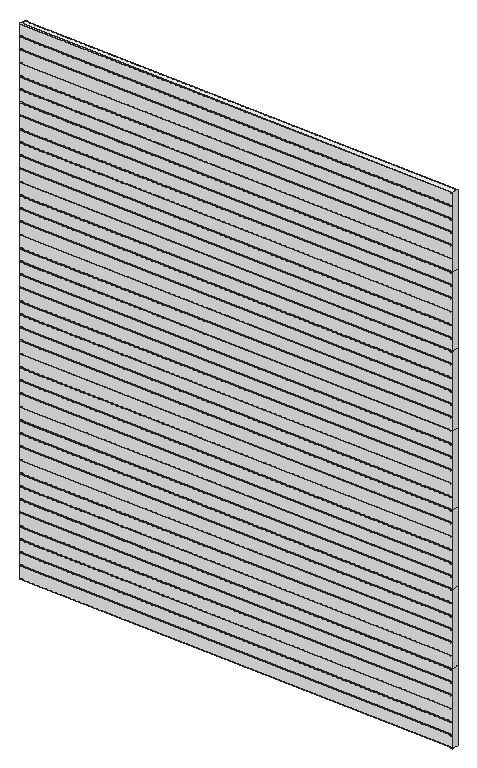
Revit family
Parameters (values of type "By Type")
  Windload = "Doors available rated for various design pressures; consult Clopay for avaialbility and specifications"
  VisSection6 = NumSections = 6  # no
  VisSection5 = NumSections > 4  # yes
  VisSection4 = NumSections > 3  # yes
  VisSection3 = NumSections > 2  # yes
  VisArray = NumSections > 6  # yes
  URL = "www.clopaydoor.com"
  Track = "Galvanized steel (gauge varies according to door size)"
  Thickness = 0' - 2"  # constant formula
  Spec Wizard = "http://www.arcat.com/specwizard/08360clo/index.htm"
  Section Height = Height / NumSections  # 2' - 0"
  Sales Information = "http://www.clopaydoor.com/where-to-buy.aspx?type=dealer"
  Rough Width = 0' - 0"  # constant formula
  Rough Height = 0' - 0"  # constant formula
  R-Value = "12.9"
  Product Features and Benefits = "http://www.clopaydoor.com/insulated-polyurethane-applications.aspx"
  Overlapping Jamb = yes
  Overlap = if(Overlapping Jamb, 0' 1", 0' 0")  # 0' - 1"
  Opening Width = 12' - 0"
  Opening Height = 14' - 0"
  Omniclass Table = "23-30 10 17 37 "
  NumSectionsNotRounded = Height / 2' 0"  # 7
  NumSections = NumSectionsNotRounded + 0.4999  # 7
  NumArraySections = if(NumSections > 6, NumSections - 5, 2)  # 2
  Model = "3715"
  Maximum Size = "Maximum 32' 2'' wide by 26' 0'' high. Additional limitations may apply do to door weight. Consult Clopay for specificiations and shop drawings."  # constant formula
  Manufacturer Website = "http://www.clopaydoor.com"
  Manufacturer Phone Number = "1-800-526-4301"
  Manufacturer Address = "1400 W. Market St., Troy, OH 45373"
  Manufacturer = "Clopay Building Products Company"
  LEED = "http://products.construction.com/swts_content_files/151607/303186.pdf"
  Keynote = "08 36 13"
  Interior Steel = "28 ga. galvanized, primed, and finish painted"
  Hardware = "14 ga. min. steel hinges; 10-ball steel rollers"
  GreenFormat = "http://www.greenformat.com/products/1536-Polyurethane%20Insulated%20Doors.rtf"
  Function = (empty or 0)
  Height = Opening Height + Rough Width * 0  # 14' - 0"
  Wall Closure = (empty or 0)
  Width = Opening Width + Rough Width * 0  # 12' - 0"
  FloorToSection7 = 6 * Section Height  # 12' - 0"
  FloorToSection6 = 5 * Section Height  # 10' - 0"
  FloorToSection5 = 4 * Section Height  # 8' - 0"
  FloorToSection4 = 3 * Section Height  # 6' - 0"
  FloorToSection3 = 2 * Section Height  # 4' - 0"
  FloorToSection2 = Section Height  # 2' - 0"
  File Revision = "02 (August, 2012)"
  Exterior Steel = "27 ga. galvanized, primed, and finish painted"
  Double End Stiles = Door Width > 14' 2"  # no
  Door Width = Opening Width + Overlap * 2  # 12' - 2"
  Door Height = Opening Height + Rough Width * 0  # 14' - 0"
  Description = "1-3/8'' thick polyurethane insulated, stucco embossed 27 gauge steel exterior with light ribbed pattern."
  Core Material = "Expanded polyurethane"
  Copyright = "2010, Clopay Building Products Company, Inc."
  Color = White
  CAD and Specifications = "http://www.clopaydoor.com/insulated-polyurethane-specs.aspx"
  Assembly Code = "B2030410"
Reference planes (in)
  plane 1 "Center (Front/Back)": y = 0
  plane 2 "Center (Left/Right)": x = 0
  plane 3 "Left": x = -72
  plane 4 "Right": x = 72
  plane 5 "Top": z = 168
  plane 6 "Exterior": y = 3
  plane 7 "Interior": y = -3
  plane 8: z = 120
  plane 9: z = 144
Lines and regions (in)
  Opening 1
    outline origin (-90, -3, 0) x (1, 0, 0) y (0, 0, 1)
      loop
        line (18, 0) -> (162, 0) -> (162, 168) -> (18, 168) -> (18, 0)
Text (in)
  text "Exterior" at (-74.96733, 27.31104, 0), in view "Ref. Level"
  text "Interior" at (-74.96733, -25.14366, 0), in view "Ref. Level"
  text "Exterior" at (0, 40.15149, 123.01588), in view "Right"
  text "Interior" at (0, -64.39139, 123.01588), in view "Right"
  text "Interior" at (0, -31.01599, 123.00693), in view "Left"
  text "Exterior" at (0, 54.57065, 123.00693), in view "Left"
Dimensions and locks (in)
  equal spacing: plane 3 "Left", plane 2 "Center (Left/Right)", plane 4 "Right"
  "Height": level to plane 5 "Top"
  "Width": plane 3 "Left" to plane 4 "Right"
  host wall to plane 5 "Top" = 14' - 0"
  nested 1 to plane 7 "Interior" = 0' - 0 1/2"
  "FloorToSection6": plane 8 to level
  "FloorToSection7": plane 9 to level
  group 1 to group 2 = 0' - 0"  (x2)
  group 1 to group 2 = 2' - 0"
  host wall to host wall = 67' - 6"
  aligned and locked: plane 3 "Left" to Opening 1 sketch curve
  aligned and locked: plane 5 "Top" to Opening 1 sketch curve  (x2)
  aligned and locked: Opening 1 sketch curve to plane 4 "Right"
  aligned and locked: Opening 1 sketch curve to level
  aligned and locked: plane 6 "Exterior" to host wall
  aligned and locked: host wall to plane 7 "Interior"
  aligned and locked: plane 2 "Center (Left/Right)" to nested 2
  aligned and locked: plane 2 "Center (Left/Right)" to nested 3
  aligned and locked: plane 2 "Center (Left/Right)" to nested 4
  aligned and locked: plane 2 "Center (Left/Right)" to nested 5
  aligned and locked: plane 2 "Center (Left/Right)" to nested 7
  aligned and locked: nested 7 to plane 8
  aligned and locked: nested 8 to plane 9
  aligned and locked: plane 7 "Interior" to nested 2
  aligned and locked: plane 7 "Interior" to nested 7
  aligned and locked: host wall to nested 8
  aligned and locked: plane 7 "Interior" to nested 3
  aligned and locked: host wall to nested 3
  aligned and locked: plane 7 "Interior" to nested 1
  aligned and locked: nested 2 to host wall
  aligned and locked: plane 7 "Interior" to nested 6
  aligned and locked: plane 7 "Interior" to nested 5
  aligned and locked: host wall to nested 7
  aligned and locked: plane 7 "Interior" to nested 4
Nested families (in)
  nested 1: "Section" at (0, 0, 0), type "Solid"
  nested 2: "Section" at (0, 0, 24), built-in parameter 1001364 <- "Section Height", type "Solid"
  nested 3: "Section" at (0, 0, 48), built-in parameter 1001364 <- "FloorToSection3", visible <- "VisSection3", type "Solid"
  nested 4: "Section" at (0, 0, 120), built-in parameter 1001364 <- "FloorToSection6", visible <- "VisSection6", type "Solid"
  nested 5: "Section" at (0, 0, 96), built-in parameter 1001364 <- "FloorToSection5", visible <- "VisSection5", type "Solid"
  nested 6: "Section" at (0, 0, 72), built-in parameter 1001364 <- "FloorToSection4", visible <- "VisSection4", type "Solid"
  nested 7: "Section" at (0, 0, 120), visible <- "VisArray", type "Solid"
  nested 8: "Section" at (0, 0, 144), visible <- "VisArray", type "Solid"
Definition of nested family "Section"
  Parameters (values of type "Solid")
    X9 = if(if(NumArrayedWindows < NumWindows, NumArrayedWindows + 1, NumWindows) < 9, X1, X8 + 3' 8")  # 1' - 5 1/2"
    X8 = if(if(NumArrayedWindows < NumWindows, NumArrayedWindows + 1, NumWindows) < 8, X1, X7 + 3' 8")  # 1' - 5 1/2"
    X7 = if(if(NumArrayedWindows < NumWindows, NumArrayedWindows + 1, NumWindows) < 7, X1, X6 + 3' 8")  # 1' - 5 1/2"
    X6 = if(if(NumArrayedWindows < NumWindows, NumArrayedWindows + 1, NumWindows) < 6, X1, X5 + 3' 8")  # 1' - 5 1/2"
    X5 = if(if(NumArrayedWindows < NumWindows, NumArrayedWindows + 1, NumWindows) < 5, X1, X4 + 3' 8")  # 1' - 5 1/2"
    X4 = if(if(NumArrayedWindows < NumWindows, NumArrayedWindows + 1, NumWindows) < 4, X1, X3 + 3' 8")  # 1' - 5 1/2"
    X3 = if(NumWindows < 3, X1, X2 + 3' 8")  # 8' - 9 1/2"
    X2 = if(NumWindows < 2, ((Door Width - (NumWindows - 1) * 3' 8") / 2 - Cutout Width / 2), ((Door Width - (NumWindows - 1) * 3' 8") / 2 - Cutout Width / 2) + 3' 8")  # 5' - 1 1/2"
    WindowVis = no
    WindowCutDepth = -0' - 0 13/128"
    Section Height = 2' - 0"
    RibSpacing = Section Height / (NumRibs + 1)  # 0' - 4"
    NumWindows = if(Door Width < 9' 4", 2, if(Door Width < 13' 4", 3, if(Door Width < 16' 4", 4, if(Door Width < 20' 4", 5, if(Door Width < 24' 4", 6, if(Door Width < 26' 4", 7, if(Door Width < 31' 8", 8, 10)))))))  # 3
    NumRibs = if(Section Height < 1' 9", 3, if(Section Height < 2' 0", 4, 5))  # 5
    NumArrayedWindows = if(X2 = X1, NumWindows - 2, NumWindows)  # 3
    Half Section Height = Section Height / 2  # 1' - 0"
    Half Door Width Neg = -Half Door Width  # -6' - 1"
    Half Door Width = Door Width / 2  # 6' - 1"
    Half Cutout Height = Cutout Height / 2  # 0' - 3 1/2"
    Function = (empty or 0)
    Height = 0' - 0"
    Wall Closure = (empty or 0)
    Width = 0' - 0"
    X1 = if(or(Door Width > 31' 6", and(Door Width > 26' 2", Door Width < 28' 1"), Door Width = 24' 3", Door Width = 24' 4", and(Door Width > 20' 2", Door Width < 20' 11"), and(Door Width > 16' 2", Door Width < 17' 3")), X2, (Door Width - (NumWindows - 1) * 3' 8") / 2 - Cutout Width / 2)  # 1' - 5 1/2"
    Door Width = 12' - 2"
    CutoutToCutout = 1' - 0"
    Cutout Width = 1' - 11"
    Cutout Height = 0' - 7"
    Color = White
    BtmTo1stRib = RibSpacing  # 0' - 4"
    Assembly Code = ""
  Reference planes (in)
    plane 1 "Center (Front/Back)": y = 0
    plane 2 "Center (Left/Right)": x = 0
    plane 3 "Exterior": y = 3
    plane 4 "Interior": y = -3
    plane 5: y = -3.5
    plane 6: x = 73
    plane 7: x = -73
    plane 8: z = 4
    plane 9: z = 8
    plane 10: z = 24
    plane 11: z = 12
    plane 12: z = 0
  Forms (in)
    Extrusion 1, solid, material "White" <- "Color"
      sketch origin (-73, -12, 83.08252) x (0, 0, 1) y (0, -1, 0)
        loop
          line (-59.08252, -8.37573) -> (-59.08252, -6.62444)
          arc (-59.08252, -6.62444) -> (-59.11897, -6.53645) -> (-59.20696, -6.5) r 0.12444
          line (-59.20696, -6.5) -> (-82.95809, -6.5)
          arc (-82.95809, -6.5) -> (-83.04608, -6.53645) -> (-83.08252, -6.62444) r 0.12444
          line (-83.08252, -6.62444) -> (-83.08252, -8.37573)
          arc (-83.08252, -8.37573) -> (-83.04612, -8.4636) -> (-82.95825, -8.5) r 0.12427
          line (-82.95825, -8.5) -> (-59.20679, -8.5)
          arc (-59.20679, -8.5) -> (-59.11892, -8.4636) -> (-59.08252, -8.37573) r 0.12427
      from 0 to 146 <- "Door Width"
    Extrusion 2, void
      sketch origin (0, 0, -0.5) x (0, -1, 0) y (0, 0, 1)
        loop
          line (3.5, 4.62727) -> (3.5, 4.37273) -> (3.53032, 4.41942)
          arc (3.53032, 4.41942) -> (3.53753, 4.43506) -> (3.54, 4.4521) r 0.06
          line (3.54, 4.4521) -> (3.54, 4.5479)
          arc (3.54, 4.5479) -> (3.53753, 4.56494) -> (3.53032, 4.58058) r 0.06
          line (3.53032, 4.58058) -> (3.5, 4.62727)
      from -73 <- "Half Door Width Neg" to 146 <- "Door Width"
    Extrusion 3, void
      sketch origin (0, 0, 3.5) x (0, -1, 0) y (0, 0, 1)
        loop
          line (3.5, 4.62727) -> (3.5, 4.37273) -> (3.53032, 4.41942)
          arc (3.53032, 4.41942) -> (3.53753, 4.43506) -> (3.54, 4.4521) r 0.06
          line (3.54, 4.4521) -> (3.54, 4.5479)
          arc (3.54, 4.5479) -> (3.53753, 4.56494) -> (3.53032, 4.58058) r 0.06
          line (3.53032, 4.58058) -> (3.5, 4.62727)
      from -73 <- "Half Door Width Neg" to 146 <- "Door Width"
    Extrusion 4, void
      sketch origin (0, 0, 7.5) x (0, -1, 0) y (0, 0, 1)
        loop
          line (3.5, 4.62727) -> (3.5, 4.37273) -> (3.53032, 4.41942)
          arc (3.53032, 4.41942) -> (3.53753, 4.43506) -> (3.54, 4.4521) r 0.06
          line (3.54, 4.4521) -> (3.54, 4.5479)
          arc (3.54, 4.5479) -> (3.53753, 4.56494) -> (3.53032, 4.58058) r 0.06
          line (3.53032, 4.58058) -> (3.5, 4.62727)
      from -73 <- "Half Door Width Neg" to 146 <- "Door Width"
    Extrusion 5, void
      sketch origin (0, -8.99984, -0.5) x (0, 1, 0) y (0, 0, -1)
        loop
          line (3.5, -4.62727) -> (3.53032, -4.58058)
          arc (3.53032, -4.58058) -> (3.53753, -4.56494) -> (3.54, -4.5479) r 0.06
          line (3.54, -4.5479) -> (3.54, -4.4521)
          arc (3.54, -4.4521) -> (3.53753, -4.43506) -> (3.53032, -4.41942) r 0.06
          line (3.53032, -4.41942) -> (3.5, -4.37273) -> (3.5, -4.62727)
      from -73 <- "Half Door Width Neg" to 146 <- "Door Width"
    Extrusion 6, void
      sketch origin (0, -8.99984, 3.5) x (0, 1, 0) y (0, 0, -1)
        loop
          line (3.5, -4.62727) -> (3.53032, -4.58058)
          arc (3.53032, -4.58058) -> (3.53753, -4.56494) -> (3.54, -4.5479) r 0.06
          line (3.54, -4.5479) -> (3.54, -4.4521)
          arc (3.54, -4.4521) -> (3.53753, -4.43506) -> (3.53032, -4.41942) r 0.06
          line (3.53032, -4.41942) -> (3.5, -4.37273) -> (3.5, -4.62727)
      from -73 <- "Half Door Width Neg" to 146 <- "Door Width"
    Extrusion 7, void
      sketch origin (0, -8.99984, 7.5) x (0, 1, 0) y (0, 0, -1)
        loop
          line (3.5, -4.62727) -> (3.53032, -4.58058)
          arc (3.53032, -4.58058) -> (3.53753, -4.56494) -> (3.54, -4.5479) r 0.06
          line (3.54, -4.5479) -> (3.54, -4.4521)
          arc (3.54, -4.4521) -> (3.53753, -4.43506) -> (3.53032, -4.41942) r 0.06
          line (3.53032, -4.41942) -> (3.5, -4.37273) -> (3.5, -4.62727)
      from -73 <- "Half Door Width Neg" to 146 <- "Door Width"
    Extrusion 8, void
      sketch origin (0, 0, 11.5) x (0, -1, 0) y (0, 0, 1)
        loop
          line (3.5, 4.62727) -> (3.5, 4.37273) -> (3.53032, 4.41942)
          arc (3.53032, 4.41942) -> (3.53753, 4.43506) -> (3.54, 4.4521) r 0.06
          line (3.54, 4.4521) -> (3.54, 4.5479)
          arc (3.54, 4.5479) -> (3.53753, 4.56494) -> (3.53032, 4.58058) r 0.06
          line (3.53032, 4.58058) -> (3.5, 4.62727)
      from -73 <- "Half Door Width Neg" to 146 <- "Door Width"
    Extrusion 9, void
      sketch origin (0, -8.99984, 11.5) x (0, 1, 0) y (0, 0, -1)
        loop
          line (3.5, -4.62727) -> (3.53032, -4.58058)
          arc (3.53032, -4.58058) -> (3.53753, -4.56494) -> (3.54, -4.5479) r 0.06
          line (3.54, -4.5479) -> (3.54, -4.4521)
          arc (3.54, -4.4521) -> (3.53753, -4.43506) -> (3.53032, -4.41942) r 0.06
          line (3.53032, -4.41942) -> (3.5, -4.37273) -> (3.5, -4.62727)
      from -73 <- "Half Door Width Neg" to 146 <- "Door Width"
    Extrusion 10, void
      sketch origin (0, 0, 15.5) x (0, -1, 0) y (0, 0, 1)
        loop
          line (3.5, 4.62727) -> (3.5, 4.37273) -> (3.53032, 4.41942)
          arc (3.53032, 4.41942) -> (3.53753, 4.43506) -> (3.54, 4.4521) r 0.06
          line (3.54, 4.4521) -> (3.54, 4.5479)
          arc (3.54, 4.5479) -> (3.53753, 4.56494) -> (3.53032, 4.58058) r 0.06
          line (3.53032, 4.58058) -> (3.5, 4.62727)
      from -73 <- "Half Door Width Neg" to 146 <- "Door Width"
    Extrusion 11, void
      sketch origin (0, -8.99984, 15.5) x (0, 1, 0) y (0, 0, -1)
        loop
          line (3.5, -4.62727) -> (3.53032, -4.58058)
          arc (3.53032, -4.58058) -> (3.53753, -4.56494) -> (3.54, -4.5479) r 0.06
          line (3.54, -4.5479) -> (3.54, -4.4521)
          arc (3.54, -4.4521) -> (3.53753, -4.43506) -> (3.53032, -4.41942) r 0.06
          line (3.53032, -4.41942) -> (3.5, -4.37273) -> (3.5, -4.62727)
      from -73 <- "Half Door Width Neg" to 146 <- "Door Width"
  Cuts and joins
    Extrusion 2, Extrusion 3, Extrusion 4, Extrusion 5, Extrusion 6, Extrusion 7, Extrusion 8, Extrusion 9, Extrusion 10, Extrusion 11 cuts Extrusion 1
  Lines and regions (in)
    reference lines
      curve 1: line (-72, -3.54, 4) -> (-72, -3.5, 4)
      curve 2: line (-72, -5.45984, 4) -> (-72, -5.49984, 4)
      curve 3: line (-72, -3.54, 8) -> (-72, -3.5, 8)
      curve 4: line (-72, -3.54, 12) -> (-72, -3.5, 12)
      curve 5: line (-72, -5.45984, 4) -> (-72, -5.49984, 4)
      curve 6: line (-72, -5.45984, 8) -> (-72, -5.49984, 8)
      curve 7: line (-72, -5.45984, 12) -> (-72, -5.49984, 12)
      curve 8: line (-72, -3.54, 16) -> (-72, -3.5, 16)
      curve 9: line (-72, -5.45984, 16) -> (-72, -5.49984, 16)
      curve 10: line (-72, -3.54, 20) -> (-72, -3.5, 20)
      curve 11: line (-72, -5.45984, 20) -> (-72, -5.49984, 20)
  Text (in)
    text "Exterior" at (-74.96733, 27.31104, 0), in view "Ref. Level"
    text "Interior" at (-74.96733, -25.14366, 0), in view "Ref. Level"
    text "Exterior" at (0, 40.15149, 123.01588), in view "Right"
    text "Interior" at (0, -64.39139, 123.01588), in view "Right"
    text "Interior" at (0, -31.01599, 123.00693), in view "Left"
    text "Exterior" at (0, 54.57065, 123.00693), in view "Left"
  Dimensions and locks (in)
    plane 4 "Interior" to plane 5 = 0' - 0 1/2"
    "Half Door Width": plane 2 "Center (Left/Right)" to plane 7
    "Half Door Width": plane 6 to plane 2 "Center (Left/Right)"
    Extrusion 1 sketch curve to Extrusion 1 sketch curve = 0' - 2"
    Extrusion 2 sketch curve to Extrusion 2 sketch curve = 0' - 0.25454"
    Extrusion 2 sketch curve to Extrusion 2 sketch curve = 0' - 0.04"  (x2)
    "BtmTo1stRib": plane 8 to level
    curve 1 to Extrusion 2 sketch curve = 0' - 0.12727"
    "RibSpacing": plane 9 to plane 8
    "Section Height": plane 10 to level
    Extrusion 3 sketch curve to Extrusion 3 sketch curve = 0' - 0.25454"
    Extrusion 3 sketch curve to Extrusion 3 sketch curve = 0' - 0.04"  (x2)
    curve 3 to Extrusion 3 sketch curve = 0' - 0.12727"
    equal spacing: group 1, group 2, group 3, group 4, group 5  (x3)
    Extrusion 4 sketch curve to Extrusion 4 sketch curve = 0' - 0.25454"
    Extrusion 4 sketch curve to Extrusion 4 sketch curve = 0' - 0.04"  (x2)
    curve 4 to Extrusion 4 sketch curve = 0' - 0.12727"
    Extrusion 5 sketch curve to Extrusion 5 sketch curve = 0' - 0.25454"
    Extrusion 5 sketch curve to Extrusion 5 sketch curve = 0' - 0.04"  (x2)
    Extrusion 5 sketch curve to curve 5 = 0' - 0.12727"
    Extrusion 6 sketch curve to Extrusion 6 sketch curve = 0' - 0.25454"
    Extrusion 6 sketch curve to Extrusion 6 sketch curve = 0' - 0.04"  (x2)
    Extrusion 6 sketch curve to curve 6 = 0' - 0.12727"
    Extrusion 7 sketch curve to Extrusion 7 sketch curve = 0' - 0.25454"
    Extrusion 7 sketch curve to Extrusion 7 sketch curve = 0' - 0.04"  (x2)
    Extrusion 7 sketch curve to curve 7 = 0' - 0.12727"
    "Half Section Height": level to plane 11
    Extrusion 8 sketch curve to Extrusion 8 sketch curve = 0' - 0.25454"
    Extrusion 8 sketch curve to Extrusion 8 sketch curve = 0' - 0.04"  (x2)
    curve 8 to Extrusion 8 sketch curve = 0' - 0.12727"
    Extrusion 9 sketch curve to Extrusion 9 sketch curve = 0' - 0.25454"
    Extrusion 9 sketch curve to Extrusion 9 sketch curve = 0' - 0.04"  (x2)
    Extrusion 9 sketch curve to curve 9 = 0' - 0.12727"
    Extrusion 10 sketch curve to Extrusion 10 sketch curve = 0' - 0.25454"
    Extrusion 10 sketch curve to Extrusion 10 sketch curve = 0' - 0.04"  (x2)
    curve 10 to Extrusion 10 sketch curve = 0' - 0.12727"
    Extrusion 11 sketch curve to Extrusion 11 sketch curve = 0' - 0.25454"
    Extrusion 11 sketch curve to Extrusion 11 sketch curve = 0' - 0.04"  (x2)
    Extrusion 11 sketch curve to curve 11 = 0' - 0.12727"
    locked: plane 4 "Interior" to cut or joined group 1 (Extrusion 1, Extrusion 2, Extrusion 3, Extrusion 4, Extrusion 5, Extrusion 6, Extrusion 7, Extrusion 8, Extrusion 9, Extrusion 10, Extrusion 11) at 0.5
    radius of Extrusion 1 sketch curve = 0' - 0.12427"  (x2)
    radius of Extrusion 1 sketch curve = 0' - 0.12444"  (x2)
    angle Extrusion 2 sketch curve to Extrusion 2 sketch curve = 147.00°  (x2)
    angle Extrusion 3 sketch curve to Extrusion 3 sketch curve = 147.00°  (x2)
    angle Extrusion 4 sketch curve to Extrusion 4 sketch curve = 147.00°  (x2)
    angle Extrusion 5 sketch curve to Extrusion 5 sketch curve = 147.00°  (x2)
    angle Extrusion 6 sketch curve to Extrusion 6 sketch curve = 147.00°  (x2)
    angle Extrusion 7 sketch curve to Extrusion 7 sketch curve = 147.00°  (x2)
    angle Extrusion 8 sketch curve to Extrusion 8 sketch curve = 147.00°  (x2)
    angle Extrusion 9 sketch curve to Extrusion 9 sketch curve = 147.00°  (x2)
    angle Extrusion 10 sketch curve to Extrusion 10 sketch curve = 147.00°  (x2)
    angle Extrusion 11 sketch curve to Extrusion 11 sketch curve = 147.00°  (x2)
    aligned and locked: Extrusion 1 sketch curve to plane 5
    aligned and locked: plane 8 to curve 1
    aligned and locked: plane 9 to curve 3
    aligned: cut or joined group 1 to cut or joined group 1  (x9)
    aligned and locked: plane 12 to level
  Automatic sketch dimensions
    curve 2 to curve 1 = 0' - 1.91984"
    curve 1 to curve 1 = 0' - 0.04"  (x2)
    curve 1 to curve 2 = 0' - 1.91984"
    curve 2 to curve 2 = 0' - 0.04"  (x2)
    Extrusion 2 sketch curve to Extrusion 2 sketch curve = 0' - 0"
    Extrusion 2 sketch curve to Extrusion 2 sketch curve = 0' - 0.02"
    Extrusion 2 sketch curve to Extrusion 2 sketch curve = 0' - 0.00968"  (x2)
    curve 5 to curve 1 = 0' - 0"
    curve 1 to curve 5 = 0' - 1.91984"
    curve 5 to curve 5 = 0' - 0.04"
    Extrusion 5 sketch curve to Extrusion 5 sketch curve = 0' - 0"
    Extrusion 5 sketch curve to Extrusion 5 sketch curve = 0' - 0.02"
    Extrusion 5 sketch curve to Extrusion 5 sketch curve = 0' - 0.00968"  (x2)
    Extrusion 3 sketch curve to Extrusion 3 sketch curve = 0' - 0"
    Extrusion 3 sketch curve to Extrusion 3 sketch curve = 0' - 0.02"
    Extrusion 3 sketch curve to Extrusion 3 sketch curve = 0' - 0.00968"  (x2)
    curve 6 to curve 3 = 0' - 0"
    curve 3 to curve 3 = 0' - 0.04"
    curve 3 to curve 6 = 0' - 1.91984"
    curve 6 to curve 6 = 0' - 0.04"
    Extrusion 4 sketch curve to Extrusion 4 sketch curve = 0' - 0"
    Extrusion 4 sketch curve to Extrusion 4 sketch curve = 0' - 0.02"
    Extrusion 4 sketch curve to Extrusion 4 sketch curve = 0' - 0.00968"  (x2)
    curve 7 to curve 4 = 0' - 0"
    curve 4 to curve 4 = 0' - 0.04"
    curve 4 to curve 7 = 0' - 1.91984"
    curve 7 to curve 7 = 0' - 0.04"
    Extrusion 7 sketch curve to Extrusion 7 sketch curve = 0' - 0.00968"
    Extrusion 6 sketch curve to Extrusion 6 sketch curve = 0' - 0.00968"
    curve 2 to plane 8 = 0' - 0"
    curve 2 to plane 5 = 0' - 1.95984"
    Extrusion 1 sketch curve to plane 10 = 0' - 0"
    Extrusion 1 sketch curve to level = 0' - 0"
    Extrusion 8 sketch curve to Extrusion 8 sketch curve = 0' - 0"
    Extrusion 8 sketch curve to Extrusion 8 sketch curve = 0' - 0.02"
    Extrusion 8 sketch curve to Extrusion 8 sketch curve = 0' - 0.00968"  (x2)
    curve 9 to curve 8 = 0' - 0"
    curve 8 to curve 8 = 0' - 0.04"
    curve 8 to curve 9 = 0' - 1.91984"
    curve 9 to curve 9 = 0' - 0.04"
    Extrusion 9 sketch curve to Extrusion 9 sketch curve = 0' - 0"
    Extrusion 9 sketch curve to Extrusion 9 sketch curve = 0' - 0.02"
    Extrusion 9 sketch curve to Extrusion 9 sketch curve = 0' - 0.00968"  (x2)
    Extrusion 10 sketch curve to Extrusion 10 sketch curve = 0' - 0"
    Extrusion 10 sketch curve to Extrusion 10 sketch curve = 0' - 0.02"
    Extrusion 10 sketch curve to Extrusion 10 sketch curve = 0' - 0.00968"  (x2)
    curve 11 to curve 10 = 0' - 0"
    curve 10 to curve 10 = 0' - 0.04"
    curve 10 to curve 11 = 0' - 1.91984"
    curve 11 to curve 11 = 0' - 0.04"
    Extrusion 11 sketch curve to Extrusion 11 sketch curve = 0' - 0"
    Extrusion 11 sketch curve to Extrusion 11 sketch curve = 0' - 0.02"
    Extrusion 11 sketch curve to Extrusion 11 sketch curve = 0' - 0.00968"  (x2)
